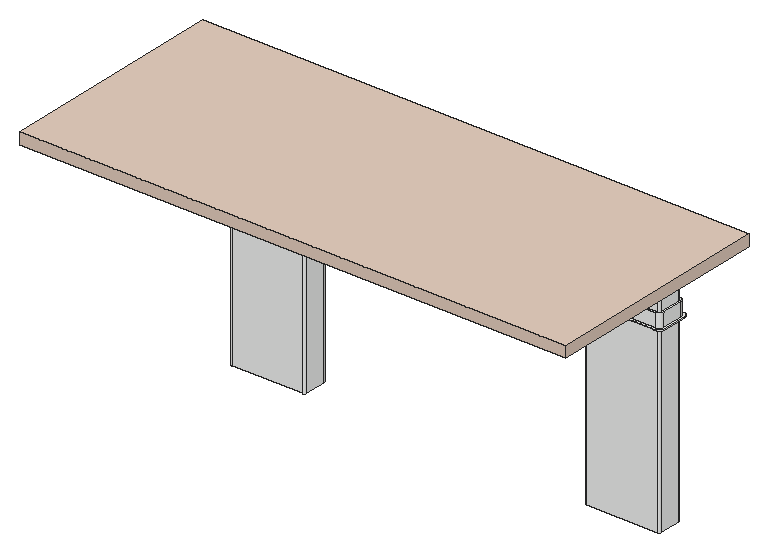
Revit family "Table-Height_Adjustable-Teknion-BH_CB_Cross_Grain_Height_Adjustable_Rectangular_Worksurface_Mid_Height-R2018", category Furniture, Revit 2018
Family settings
  OmniClass Number = 23.40.20.00
  OmniClass Title = General Furniture and Specialties
  Work Plane-Based = No
  Always vertical = Yes
  Cut with Voids When Loaded = No
  Shared = Yes
  Room Calculation Point = No
Parameters (values of type "1 3/16" Worksurface Thickness, 24" Depth")
  Worksurface Thickness = 1.189"
  Worksurface Finish [instance] = Veneer-Teknion-5T-Flintwood-White_Truffle
  Width [instance] = 58.000"
  Warranty = "http://www.teknion.com/ca/papers/legal-canada"
  Unit Weight URL = "http://www.teknion.com/ca/tools/assets#&asset=bee6a381-b954-425e-8283-5a2de3a804f2,f828d448-4b62-4231-9e5f-9a8991c0ed77"
  URL = "www.teknion.com"
  To render please download texture images found here [instance] = "https://assets.teknion.com/web/5e81352c1dfdb467/revit-material-swatches/"
  Sustainability Data = "https://www.teknion.com/ca/tools/assets#&topic=216f99a5-57a0-44fc-b10a-9dee9b29ae4c&asset=444deb64-fe58-4b68-981e-f75e97781df7,b4ff2d81-9f2e-437d-9659-7cffb09c31cf"
  Standard Corner Detail [instance] = yes
  Series = "Expansion Casegoods"  # constant formula
  Right Square Cutout [instance] = if([Centered - Rectangular (L) & Square (R)], 5.000", 1.000")  # 1.000"
  Radius Corner Detail [instance] = not(Standard Corner Detail)  # no
  Product Page URL = "https://www.teknion.com/ca/products/product-details?productlineid=0053336e-8e7a-673b-a6c8-ff00004460c4"
  Product Line = "Expansion Casegoods"  # constant formula
  Product Documentation Link = "https://www.teknion.com/pricing/expansion-casegoods/pdfs/BH_CB_ppg.pdf"
  Powerbar Options [instance] = "Select one of the options below. No Powerbar is selected by default"  # constant formula
  Power plugs [instance] = not(No Powerbar)  # no
  Part Number = "BH_CB"  # constant formula
  No Powerbar [instance] = and(not(Integrated Powerbar), not(Integrated Powerbar with IEC Outlet))  # yes
  No Grommet [instance] = and(not([Centered - Rectangular]), not([Centered - Rectangular (L) & Square (R)]), not([Centered - Square (L) & Rectangular (R)]))  # yes
  Model = "BHMCBK24_"
  Manufacturer Phone = "416-661-3370"  # constant formula
  Manufacturer Fax = "416.661.4586"  # constant formula
  Manufacturer Contact Information = "http://www.teknion.com/ca/contactus"
  Manufacturer Address = "1150 Flint Road, Toronto, ON. M3J 2J5. Canada"  # constant formula
  Manufacturer = "Teknion"  # constant formula
  Leg Width [instance] = if(Actual Width = 39.430", 20.981", if(Actual Width = 45.400", 26.951", if(Actual Width = 51.370", 23.468", 29.438")))  # 29.438"
  Left Square Cutout [instance] = if([Centered - Square (L) & Rectangular (R)], 5.000", 1.000")  # 1.000"
  Integrated Powerbar with IEC Outlet [instance] = no
  Integrated Powerbar [instance] = no
  How To Use Teknion Materials User Guide [instance] = "https://assets.teknion.com/m/205dd0a49fa58060/original/How-to-add-a-Material-Library-and-Texture-Images-to-your-Revit-project.pdf"
  Height [instance] = 29.000"
  Grommet Options [instance] = "Select one of the options below. No Grommet is selected by default"  # constant formula
  Grommet Finish [instance] = Paint - Teknion - Mica - Very White
  For Additional Finishes please visit [instance] = "https://assets.teknion.com/m/44a8009b046e5d47/original/Teknion_Materials_Library.zip"
  Description = "Cross Grain Height-Adjustable Rectangular Worksurface - Mid-Height, 1 3/16\" Worksurface Thickness, Mid-Height Configuration, 24\" Depth"
  Depth = 24.000"
  Corner Detail Options [instance] = "Select one of the options below"  # constant formula
  Connection Node Visibility [instance] = yes
  Centered - Rectangular [instance] = no
  Centered - Rectangular (L) & Square (R) [instance] = no
  Centered - Square (L) & Rectangular (R) [instance] = no
  Base Finish [instance] = Paint - Teknion - Mica - Very White
  Available Widths [instance] = "40, 46, 52, and 58 Inches"  # constant formula
  Available Height [instance] = "26 to 48 Inches"  # constant formula
  Assembly Code = "E2020200"
  Actual Width [instance] = if(or(Width = 40.000", Width < 40.000"), 39.430", if(Width = 46.000", 45.400", if(Width = 52.000", 51.370", 57.340")))  # 57.340"
  Actual Height [instance] = if(Height < 26.000", 26.000", if(Height > 48.000", 48.000", Height))  # 29.000"
Reference planes (in)
  plane 1 "Center Front/Back": y = 0
  plane 2: z = 0
  plane 3 "Center Left/Right": x = 0
  plane 4 "Left": x = -28.67
  plane 5 "Right": x = 28.67
  plane 6 "Back": y = 12
  plane 7 "Front": y = -12
  plane 8 "Top": z = 30.189
  plane 9: z = 29
  plane 10: x = -14.719
  plane 11: x = 14.719
Forms (in)
  Sweep 1, solid, material "Veneer-Teknion-5T-Flintwood-White_Truffle" <- "Worksurface Finish", visible <- "Standard Corner Detail"
    path origin (0, 0, 0) x (1, 0, 0) y (0, 0, 1)
      loop
        line (0, 29) -> (0, 30.189)
    profile origin (0, 0, 29.5945) x (-1, 0, 0) y (0, -1, 0)
      loop
        line (28.67, 12) -> (-28.67, 12) -> (-28.67, -12) -> (28.67, -12) -> (28.67, 12)
  Sweep 2, solid, material "Veneer-Teknion-5T-Flintwood-White_Truffle" <- "Worksurface Finish", visible <- "Radius Corner Detail"
    path origin (0, 0, 0) x (1, 0, 0) y (0, 0, 1)
      loop
        line (0, 29) -> (0, 30.189)
    profile origin (0, 0, 29.5945) x (-1, 0, 0) y (0, -1, 0)
      loop
        arc (25.795, -12) -> (27.82793, -11.15793) -> (28.67, -9.125) r 2.875
        line (28.67, -9.125) -> (28.67, 9.125)
        arc (28.67, 9.125) -> (27.82793, 11.15793) -> (25.795, 12) r 2.875
        line (25.795, 12) -> (-25.795, 12)
        arc (-25.795, 12) -> (-27.82793, 11.15793) -> (-28.67, 9.125) r 2.875
        line (-28.67, 9.125) -> (-28.67, -9.125)
        arc (-28.67, -9.125) -> (-27.82793, -11.15793) -> (-25.795, -12) r 2.875
        line (-25.795, -12) -> (25.795, -12)
  Sweep 3, solid, material "Paint - Teknion - Mica - Very White" <- "Base Finish"
    path origin (0, 0, 0) x (1, 0, 0) y (0, 0, 1)
      loop
        line (0, 1.61811) -> (0, 29)
    profile origin (0, 0, 15.30906) x (-1, 0, 0) y (0, -1, 0)
      loop
        arc (22.59326, -8.21457) -> (22.52003, -8.03779) -> (22.34326, -7.96457) r 0.25
        line (22.34326, -7.96457) -> (14.96924, -7.96457)
        arc (14.96924, -7.96457) -> (14.79247, -8.03779) -> (14.71924, -8.21457) r 0.25
        line (14.71924, -8.21457) -> (14.71924, -10.4311)
        arc (14.71924, -10.4311) -> (14.79247, -10.60788) -> (14.96924, -10.6811) r 0.25
        line (14.96924, -10.6811) -> (22.34326, -10.6811)
        arc (22.34326, -10.6811) -> (22.52003, -10.60788) -> (22.59326, -10.4311) r 0.25
        line (22.59326, -10.4311) -> (22.59326, -8.21457)
      loop
        arc (-14.96924, -10.6811) -> (-14.79247, -10.60788) -> (-14.71924, -10.4311) r 0.25
        line (-14.71924, -10.4311) -> (-14.71924, -8.21457)
        arc (-14.71924, -8.21457) -> (-14.79247, -8.03779) -> (-14.96924, -7.96457) r 0.25
        line (-14.96924, -7.96457) -> (-22.34326, -7.96457)
        arc (-22.34326, -7.96457) -> (-22.52003, -8.03779) -> (-22.59326, -8.21457) r 0.25
        line (-22.59326, -8.21457) -> (-22.59326, -10.4311)
        arc (-22.59326, -10.4311) -> (-22.52003, -10.60788) -> (-22.34326, -10.6811) r 0.25
        line (-22.34326, -10.6811) -> (-14.96924, -10.6811)
  Sweep 4, solid, material "Paint - Teknion - Mica - Very White" <- "Base Finish"
    path origin (0, 0, 0) x (1, 0, 0) y (0, 0, 1)
      loop
        line (0, 28.87798) -> (0, 29)
    profile origin (0, 0, 28.93899) x (-1, 0, 0) y (0, -1, 0)
      loop
        line (22.59326, -9.32283) -> (22.59326, 1.54331) -> (-22.59326, 1.54331) -> (-22.59326, -9.32283) -> (-16.37279, -9.32283) -> (-16.37279, 0.44094) -> (16.37279, 0.44094) -> (16.37279, -9.32283) -> (22.59326, -9.32283)
  Sweep 5, solid, material "Paint - Teknion - Mica - Very White" <- "Base Finish"
    path origin (0, 0, 0) x (1, 0, 0) y (0, 0, 1)
      loop
        line (0, 27.18506) -> (0, 28.87798)
    profile origin (0, 0, 28.03152) x (-1, 0, 0) y (0, -1, 0)
      loop
        line (21.4909, -7.96457) -> (21.4909, 0.44094) -> (22.59326, 0.44094) -> (22.59326, 1.54331) -> (-22.59326, 1.54331) -> (-22.59326, 0.44094) -> (-21.4909, 0.44094) -> (-21.4909, -7.96457) -> (-17.47515, -7.96457) -> (-17.47515, 0.44094) -> (17.47515, 0.44094) -> (17.47515, -7.96457) -> (21.4909, -7.96457)
  Sweep 6, void
    path origin (0, 0, 0) x (1, 0, 0) y (0, 0, 1)
      loop
        line (0, 31.189) -> (0, 32.189)
    profile origin (0, 0, 31.689) x (-1, 0, 0) y (0, -1, 0)
      loop
        arc (5.00787, -9.04331) -> (4.8868, -8.751) -> (4.59449, -8.62992) r 0.41339
        line (4.59449, -8.62992) -> (3.40551, -8.62992)
        arc (3.40551, -8.62992) -> (3.1132, -8.751) -> (2.99213, -9.04331) r 0.41339
        line (2.99213, -9.04331) -> (2.99213, -10.23228)
        arc (2.99213, -10.23228) -> (3.1132, -10.52459) -> (3.40551, -10.64567) r 0.41339
        line (3.40551, -10.64567) -> (4.59449, -10.64567)
        arc (4.59449, -10.64567) -> (4.8868, -10.52459) -> (5.00787, -10.23228) r 0.41339
        line (5.00787, -10.23228) -> (5.00787, -9.04331)
  Sweep 7, void
    path origin (0, 0, 0) x (1, 0, 0) y (0, 0, 1)
      loop
        line (0, 32.189) -> (0, 31.189)
    profile origin (0, 0, 31.689) x (0, -1, 0) y (1, 0, 0)
      loop
        arc (-9.04331, 2.99213) -> (-8.751, 3.1132) -> (-8.62992, 3.40551) r 0.41339
        line (-8.62992, 3.40551) -> (-8.62992, 4.59449)
        arc (-8.62992, 4.59449) -> (-8.751, 4.8868) -> (-9.04331, 5.00787) r 0.41339
        line (-9.04331, 5.00787) -> (-10.23228, 5.00787)
        arc (-10.23228, 5.00787) -> (-10.52459, 4.8868) -> (-10.64567, 4.59449) r 0.41339
        line (-10.64567, 4.59449) -> (-10.64567, 3.40551)
        arc (-10.64567, 3.40551) -> (-10.52459, 3.1132) -> (-10.23228, 2.99213) r 0.41339
        line (-10.23228, 2.99213) -> (-9.04331, 2.99213)
  Sweep 8, solid, material "Paint - Teknion - Mica - Very White" <- "Grommet Finish", visible <- "Centered - Rectangular (L) & Square (R)"
    path origin (0, 0, 0) x (1, 0, 0) y (0, 0, 1)
      loop
        line (0, 30.189) -> (0, 30.34254)
    profile origin (0, 0, 30.26577) x (-1, 0, 0) y (0, -1, 0)
      loop
        line (7.32716, -11.05983) -> (7.32716, -8.21576) -> (3.52007, -8.21576) -> (3.52007, -9.42512) -> (5.79967, -9.42512) -> (5.79967, -9.85047) -> (3.52007, -9.85047) -> (3.52007, -11.05983) -> (7.32716, -11.05983)
  Sweep 9, solid, material "Paint - Teknion - Mica - Very White" <- "Grommet Finish", visible <- "Centered - Rectangular (L) & Square (R)"
    path origin (0, 0, 0) x (1, 0, 0) y (0, 0, 1)
      loop
        line (0, 30.34254) -> (0, 30.189)
    profile origin (0, 0, 30.26577) x (0, -1, 0) y (1, 0, 0)
      loop
        line (-11.05983, -3.52007) -> (-8.21576, -3.52007) -> (-8.21576, -0.67284) -> (-11.05983, -0.67284) -> (-11.05983, -3.52007)
  Sweep 10, solid, material "Paint - Teknion - Mica - Very White" <- "Grommet Finish", visible <- "Centered - Square (L) & Rectangular (R)"
    path origin (0, 0, 0) x (1, 0, 0) y (0, 0, 1)
      loop
        line (0, 30.189) -> (0, 30.34254)
    profile origin (0, 0, 30.26577) x (-1, 0, 0) y (0, -1, 0)
      loop
        line (-2.20033, -9.85047) -> (-4.47893, -9.85047) -> (-4.47893, -11.05983) -> (-0.67284, -11.05983) -> (-0.67284, -8.21576) -> (-4.47893, -8.21576) -> (-4.47893, -9.42512) -> (-2.20033, -9.42512) -> (-2.20033, -9.85047)
  Sweep 11, solid, material "Paint - Teknion - Mica - Very White" <- "Grommet Finish", visible <- "Centered - Square (L) & Rectangular (R)"
    path origin (0, 0, 0) x (1, 0, 0) y (0, 0, 1)
      loop
        line (0, 30.189) -> (0, 30.34254)
    profile origin (0, 0, 30.26577) x (-1, 0, 0) y (0, -1, 0)
      loop
        line (-4.47893, -11.05983) -> (-4.47893, -8.21576) -> (-7.32716, -8.21576) -> (-7.32716, -11.05983) -> (-4.47893, -11.05983)
  Sweep 12, solid, material "Paint - Teknion - Mica - Very White" <- "Grommet Finish", visible <- "Centered - Rectangular"
    path origin (0, 0, 0) x (1, 0, 0) y (0, 0, 1)
      loop
        line (0, 30.189) -> (0, 30.34254)
    profile origin (0, 0, 30.26577) x (-1, 0, 0) y (0, -1, 0)
      loop
        line (1.79967, -9.85047) -> (-0.47993, -9.85047) -> (-0.47993, -11.05983) -> (3.32716, -11.05983) -> (3.32716, -8.21576) -> (-0.47993, -8.21576) -> (-0.47993, -9.42512) -> (1.79967, -9.42512) -> (1.79967, -9.85047)
  Sweep 13, solid, material "Paint - Teknion - Mica - Very White" <- "Grommet Finish", visible <- "Centered - Rectangular"
    path origin (0, 0, 0) x (1, 0, 0) y (0, 0, 1)
      loop
        line (0, 30.189) -> (0, 30.34254)
    profile origin (0, 0, 30.26577) x (-1, 0, 0) y (0, -1, 0)
      loop
        line (-0.47993, -11.05983) -> (-0.47993, -8.21576) -> (-3.32716, -8.21576) -> (-3.32716, -11.05983) -> (-0.47993, -11.05983)
  Sweep 14, solid, material "Paint - Teknion - Mica - Very White" <- "Base Finish"
    path origin (0, 0, 0) x (1, 0, 0) y (0, 1, 0)
      loop
        line (14.719, 0) -> (6.23299, 0)
    profile origin (10.476, 0, 0) x (0, -1, 0) y (0, 0, 1)
      loop
        line (-7.67717, 29) -> (-7.67717, 27.36617) -> (0.43307, 27.36617) -> (0.43307, 29) -> (-7.67717, 29)
  Sweep 15, solid, material "Paint - Teknion - Mica - Very White" <- "Base Finish"
    path origin (0, 0, 0) x (1, 0, 0) y (0, 0, 1)
      loop
        line (0, 20.92126) -> (0, 21)
    profile origin (0, 0, 20.96063) x (-1, 0, 0) y (0, -1, 0)
      loop
        line (22.51058, -7.49213) -> (14.80192, -7.49213)
        arc (14.80192, -7.49213) -> (14.40939, -7.65472) -> (14.2468, -8.04724) r 0.55512
        line (14.2468, -8.04724) -> (14.2468, -10.59843)
        arc (14.2468, -10.59843) -> (14.40939, -10.99095) -> (14.80192, -11.15354) r 0.55512
        line (14.80192, -11.15354) -> (22.51058, -11.15354)
        arc (22.51058, -11.15354) -> (22.90311, -10.99095) -> (23.0657, -10.59843) r 0.55512
        line (23.0657, -10.59843) -> (23.0657, -8.04724)
        arc (23.0657, -8.04724) -> (22.90311, -7.65472) -> (22.51058, -7.49213) r 0.55512
      loop
        line (-14.80192, -7.49213) -> (-22.51058, -7.49213)
        arc (-22.51058, -7.49213) -> (-22.90311, -7.65472) -> (-23.0657, -8.04724) r 0.55512
        line (-23.0657, -8.04724) -> (-23.0657, -10.59843)
        arc (-23.0657, -10.59843) -> (-22.90311, -10.99095) -> (-22.51058, -11.15354) r 0.55512
        line (-22.51058, -11.15354) -> (-14.80192, -11.15354)
        arc (-14.80192, -11.15354) -> (-14.40939, -10.99095) -> (-14.2468, -10.59843) r 0.55512
        line (-14.2468, -10.59843) -> (-14.2468, -8.04724)
        arc (-14.2468, -8.04724) -> (-14.40939, -7.65472) -> (-14.80192, -7.49213) r 0.55512
  Sweep 16, solid, material "Paint - Teknion - Mica - Very White" <- "Base Finish"
    path origin (0, 0, 0) x (1, 0, 0) y (0, 0, 1)
      loop
        line (0, 21) -> (0, 22.41732)
    profile origin (0, 0, 21.70866) x (-1, 0, 0) y (0, -1, 0)
      loop
        line (14.96924, -10.87795) -> (22.34326, -10.87795)
        arc (22.34326, -10.87795) -> (22.65923, -10.74707) -> (22.79011, -10.4311) r 0.44685
        line (22.79011, -10.4311) -> (22.79011, -8.21457)
        arc (22.79011, -8.21457) -> (22.65923, -7.8986) -> (22.34326, -7.76772) r 0.44685
        line (22.34326, -7.76772) -> (14.96924, -7.76772)
        arc (14.96924, -7.76772) -> (14.65327, -7.8986) -> (14.52239, -8.21457) r 0.44685
        line (14.52239, -8.21457) -> (14.52239, -10.4311)
        arc (14.52239, -10.4311) -> (14.65327, -10.74707) -> (14.96924, -10.87795) r 0.44685
      loop
        line (-22.34326, -10.87795) -> (-14.96924, -10.87795)
        arc (-14.96924, -10.87795) -> (-14.65327, -10.74707) -> (-14.52239, -10.4311) r 0.44685
        line (-14.52239, -10.4311) -> (-14.52239, -8.21457)
        arc (-14.52239, -8.21457) -> (-14.65327, -7.8986) -> (-14.96924, -7.76772) r 0.44685
        line (-14.96924, -7.76772) -> (-22.34326, -7.76772)
        arc (-22.34326, -7.76772) -> (-22.65923, -7.8986) -> (-22.79011, -8.21457) r 0.44685
        line (-22.79011, -8.21457) -> (-22.79011, -10.4311)
        arc (-22.79011, -10.4311) -> (-22.65923, -10.74707) -> (-22.34326, -10.87795) r 0.44685
  Sweep 17, solid, material "Paint - Teknion - Mica - Very White" <- "Base Finish"
    path origin (0, 0, 0) x (1, 0, 0) y (0, 0, 1)
      loop
        line (0, 27.36617) -> (0, 29)
    profile origin (0, 0, 28.18308) x (-1, 0, 0) y (0, -1, 0)
      loop
        line (14.37279, -6.61417) -> (14.37279, 0.44094) -> (3.37279, 0.44094) -> (3.37279, -6.61417) -> (14.37279, -6.61417)
  Sweep 18, solid, material "Plastic - Teknion - Z2 - Crisp Grey", visible <- "Power plugs"
    path origin (0, 0, 0) x (1, 0, 0) y (0, 1, 0)
      loop
        line (0, 6.61417) -> (0, 6.79528)
    profile origin (0, 6.70472, 0) x (-1, 0, 0) y (0, 0, 1)
      loop
        line (10.58145, 28.70672) -> (10.58145, 27.65554) -> (11.63263, 27.65554) -> (11.63263, 28.70672) -> (10.58145, 28.70672)
      loop
        line (10.05782, 28.70672) -> (9.00664, 28.70672) -> (9.00664, 27.65554) -> (10.05782, 27.65554) -> (10.05782, 28.70672)
      loop
        line (8.48302, 28.70672) -> (7.43184, 28.70672) -> (7.43184, 27.65554) -> (8.48302, 27.65554) -> (8.48302, 28.70672)
      loop
        line (11.15625, 28.37994) -> (11.50664, 28.37994) -> (11.50664, 28.45081) -> (11.15625, 28.45081) -> (11.15625, 28.37994)
      loop
        line (11.46727, 27.97443) -> (11.19562, 27.97443) -> (11.19562, 27.90357) -> (11.46727, 27.90357) -> (11.46727, 27.97443)
      loop
        line (10.85901, 28.28546) -> (10.75468, 28.28546) -> (10.75468, 28.0768) -> (10.85901, 28.0768)
        arc (10.85901, 28.0768) -> (10.96334, 28.18113) -> (10.85901, 28.28546) r 0.10433
      loop
        line (9.58145, 28.37994) -> (9.93184, 28.37994) -> (9.93184, 28.45081) -> (9.58145, 28.45081) -> (9.58145, 28.37994)
      loop
        line (9.89247, 27.97443) -> (9.62082, 27.97443) -> (9.62082, 27.90357) -> (9.89247, 27.90357) -> (9.89247, 27.97443)
      loop
        line (9.2842, 28.28546) -> (9.17987, 28.28546) -> (9.17987, 28.0768) -> (9.2842, 28.0768)
        arc (9.2842, 28.0768) -> (9.38853, 28.18113) -> (9.2842, 28.28546) r 0.10433
      loop
        line (8.00664, 28.37994) -> (8.35704, 28.37994) -> (8.35704, 28.45081) -> (8.00664, 28.45081) -> (8.00664, 28.37994)
      loop
        line (8.31767, 27.97443) -> (8.04601, 27.97443) -> (8.04601, 27.90357) -> (8.31767, 27.90357) -> (8.31767, 27.97443)
      loop
        line (7.7094, 28.28546) -> (7.60507, 28.28546) -> (7.60507, 28.0768) -> (7.7094, 28.0768)
        arc (7.7094, 28.0768) -> (7.81373, 28.18113) -> (7.7094, 28.28546) r 0.10433
  Sweep 19, solid, material "Plastic - Teknion - Z2 - Crisp Grey", visible <- "Integrated Powerbar"
    path origin (0, 0, 0) x (1, 0, 0) y (0, 1, 0)
      loop
        line (0, 6.61417) -> (0, 6.79528)
    profile origin (0, 6.70472, 0) x (-1, 0, 0) y (0, 0, 1)
      loop
        line (5.85704, 28.70672) -> (5.85704, 27.65554) -> (6.90822, 27.65554) -> (6.90822, 28.70672) -> (5.85704, 28.70672)
      loop
        line (6.78223, 28.45081) -> (6.43184, 28.45081) -> (6.43184, 28.37994) -> (6.78223, 28.37994) -> (6.78223, 28.45081)
      loop
        line (6.74286, 27.97443) -> (6.47121, 27.97443) -> (6.47121, 27.90357) -> (6.74286, 27.90357) -> (6.74286, 27.97443)
      loop
        line (6.03027, 28.0768) -> (6.1346, 28.0768)
        arc (6.1346, 28.0768) -> (6.23893, 28.18113) -> (6.1346, 28.28546) r 0.10433
        line (6.1346, 28.28546) -> (6.03027, 28.28546) -> (6.03027, 28.0768)
  Sweep 20, solid, material "Plastic - Teknion - Z2 - Crisp Grey", visible <- "Power plugs"
    path origin (0, 0, 0) x (1, 0, 0) y (0, 1, 0)
      loop
        line (0, 6.61417) -> (0, 6.65354)
    profile origin (0, 6.63386, 0) x (-1, 0, 0) y (0, 0, 1)
      loop
        line (13.44759, 28.55613) -> (12.69759, 28.55613) -> (12.69759, 27.80613) -> (13.44759, 27.80613) -> (13.44759, 28.55613)
  Sweep 21, solid, material "Plastic - Teknion - Z2 - Crisp Grey", visible <- "Power plugs"
    path origin (0, 0, 0) x (1, 0, 0) y (0, 0, 1)
      loop
        line (0, 28.0012) -> (0, 28.36105)
    profile origin (0, 0, 28.18113) x (-1, 0, 0) y (0, -1, 0)
      loop
        arc (12.87771, -6.65354) -> (13.02673, -6.68979) -> (13.16418, -6.75781) r 0.69539
        line (13.16418, -6.75781) -> (13.26747, -6.65354) -> (12.87771, -6.65354)
  Sweep 22, solid, material "Plastic - Teknion - Z2 - Crisp Grey", visible <- "Integrated Powerbar with IEC Outlet"
    path origin (0, 0, 0) x (1, 0, 0) y (0, 1, 0)
      loop
        line (0, 6.47638) -> (0, 6.65748)
    profile origin (0, 6.56693, 0) x (-1, 0, 0) y (0, 0, 1)
      loop
        line (5.92538, 28.60435) -> (5.65034, 28.32932) -> (5.65034, 27.7579) -> (6.78027, 27.7579) -> (6.78027, 28.32932) -> (6.50523, 28.60435) -> (5.92538, 28.60435)
      loop
        line (5.97065, 28.49215) -> (5.76255, 28.28405) -> (5.76255, 27.8701) -> (6.66806, 27.8701) -> (6.66806, 28.28405) -> (6.45996, 28.49215) -> (5.97065, 28.49215)
      loop
        line (5.52239, 27.65554) -> (6.90822, 27.65554) -> (6.90822, 28.70672) -> (5.52239, 28.70672) -> (5.52239, 27.65554)
      loop
        line (6.25074, 28.31105) -> (6.25074, 28.43309) -> (6.17987, 28.43309) -> (6.17987, 28.31105) -> (6.25074, 28.31105)
      loop
        line (5.95349, 28.16538) -> (5.95349, 27.99609) -> (6.03223, 27.99609) -> (6.03223, 28.16538) -> (5.95349, 28.16538)
      loop
        line (6.39838, 27.99609) -> (6.47712, 27.99609) -> (6.47712, 28.16538) -> (6.39838, 28.16538) -> (6.39838, 27.99609)
Cuts and joins
  Sweep 6, Sweep 7 cuts Sweep 1
  Sweep 6, Sweep 7 cuts Sweep 2
  joined: Sweep 3, Sweep 4, Sweep 5, Sweep 15, Sweep 16
Lines and regions (in)
  Masking region 1, visible <- "Standard Corner Detail"
    outline origin (0, 0, 0) x (1, 0, 0) y (0, 1, 0)
      loop
        line (28.67, 12) -> (-28.67, 12) -> (-28.67, -12) -> (28.67, -12) -> (28.67, 12)
  Masking region 2, visible <- "Radius Corner Detail"
    outline origin (0, 0, 0) x (1, 0, 0) y (0, 1, 0)
      loop
        line (25.795, 12) -> (-25.795, 12)
        arc (-25.795, 12) -> (-27.82793, 11.15793) -> (-28.67, 9.125) r 2.875
        line (-28.67, 9.125) -> (-28.67, -9.125)
        arc (-28.67, -9.125) -> (-27.82793, -11.15793) -> (-25.795, -12) r 2.875
        line (-25.795, -12) -> (25.795, -12)
        arc (25.795, -12) -> (27.82793, -11.15793) -> (28.67, -9.125) r 2.875
        line (28.67, -9.125) -> (28.67, 9.125)
        arc (28.67, 9.125) -> (27.82793, 11.15793) -> (25.795, 12) r 2.875
  symbolic lines, style "FurnitureHiddenLines", detail levels medium+fine
    curve 1: line (-14.96924, 10.6811, 0) -> (-22.34326, 10.6811, 0)
    curve 2: arc (-22.34326, 10.6811, 0) -> (-22.52003, 10.60788, 0) -> (-22.59326, 10.4311, 0) r 0.25
    curve 3: line (-22.59326, 10.4311, 0) -> (-22.59326, -1.54331, 0)
    curve 4: line (-22.59326, -1.54331, 0) -> (22.59326, -1.54331, 0)
    curve 5: line (22.59326, -1.54331, 0) -> (22.59326, 10.4311, 0)
    curve 6: arc (22.59326, 10.4311, 0) -> (22.52003, 10.60788, 0) -> (22.34326, 10.6811, 0) r 0.25
    curve 7: line (22.34326, 10.6811, 0) -> (14.96924, 10.6811, 0)
    curve 8: arc (14.96924, 10.6811, 0) -> (14.79247, 10.60788, 0) -> (14.71924, 10.4311, 0) r 0.25
    curve 9: line (14.71924, 10.4311, 0) -> (14.71924, 8.21457, 0)
    curve 10: arc (14.71924, 8.21457, 0) -> (14.79247, 8.03779, 0) -> (14.96924, 7.96457, 0) r 0.25
    curve 11: line (16.37279, 7.96457, 0) -> (16.37279, -0.44094, 0)
    curve 12: line (-16.37279, -0.44094, 0) -> (-16.37279, 7.96457, 0)
    curve 13: arc (-14.96924, 7.96457, 0) -> (-14.79247, 8.03779, 0) -> (-14.71924, 8.21457, 0) r 0.25
    curve 14: line (-14.71924, 8.21457, 0) -> (-14.71924, 10.4311, 0)
    curve 15: arc (-14.71924, 10.4311, 0) -> (-14.79247, 10.60788, 0) -> (-14.96924, 10.6811, 0) r 0.25
    curve 16: line (17.47515, 7.96457, 0) -> (17.47515, -0.44094, 0)
    curve 17: line (21.4909, -0.44094, 0) -> (21.4909, 7.96457, 0)
    curve 18: line (22.59326, -0.44094, 0) -> (21.4909, -0.44094, 0)
    curve 19: line (17.47515, -0.44094, 0) -> (-17.47515, -0.44094, 0)
    curve 20: line (-17.47515, -0.44094, 0) -> (-17.47515, 7.96457, 0)
    curve 21: line (-21.4909, 7.96457, 0) -> (-21.4909, -0.44094, 0)
    curve 22: line (-21.4909, -0.44094, 0) -> (-22.59326, -0.44094, 0)
    curve 23: arc (-22.34326, 7.96457, 0) -> (-22.52003, 8.03779, 0) -> (-22.59326, 8.21457, 0) r 0.25
    curve 24: line (-22.34326, 7.96457, 0) -> (-14.96924, 7.96457, 0)
    curve 25: line (14.96924, 7.96457, 0) -> (22.34326, 7.96457, 0)
    curve 26: arc (22.59326, 8.21457, 0) -> (22.52003, 8.03779, 0) -> (22.34326, 7.96457, 0) r 0.25
    curve 30: line (-3.37279, -0.44094, 0) -> (-3.37279, 6.61417, 0)
    curve 31: line (-3.37279, 6.61417, 0) -> (-14.37279, 6.61417, 0)
    curve 32: line (-14.37279, 6.61417, 0) -> (-14.37279, -0.44094, 0)
  symbolic lines, style "FurnitureHiddenLines", detail levels fine
    curve 27: line (6.23299, 7.67717, 0) -> (6.23299, -0.44094, 0)
    curve 28: line (14.719, 7.67717, 0) -> (6.23299, 7.67717, 0)
    curve 29: line (14.719, 7.67717, 0) -> (14.719, -0.44094, 0)
    curve 106: line (-14.96924, 10.87795, 0) -> (-22.34326, 10.87795, 0)
    curve 107: arc (-22.34326, 10.87795, 0) -> (-22.65923, 10.74707, 0) -> (-22.79011, 10.4311, 0) r 0.44685
    curve 108: line (-22.79011, 10.4311, 0) -> (-22.79011, 8.21457, 0)
    curve 109: arc (-22.79011, 8.21457, 0) -> (-22.65923, 7.8986, 0) -> (-22.34326, 7.76772, 0) r 0.44685
    curve 110: line (-22.34326, 7.76772, 0) -> (-14.96924, 7.76772, 0)
    curve 111: arc (-14.96924, 7.76772, 0) -> (-14.65327, 7.8986, 0) -> (-14.52239, 8.21457, 0) r 0.44685
    curve 112: line (-14.52239, 8.21457, 0) -> (-14.52239, 10.4311, 0)
    curve 113: arc (-14.52239, 10.4311, 0) -> (-14.65327, 10.74707, 0) -> (-14.96924, 10.87795, 0) r 0.44685
    curve 114: line (-23.0657, 10.59843, 0) -> (-23.0657, 8.04724, 0)
    curve 115: arc (-23.0657, 8.04724, 0) -> (-22.90311, 7.65472, 0) -> (-22.51058, 7.49213, 0) r 0.55512
    curve 116: line (-22.51058, 7.49213, 0) -> (-14.80192, 7.49213, 0)
    curve 117: arc (-14.80192, 7.49213, 0) -> (-14.40939, 7.65472, 0) -> (-14.2468, 8.04724, 0) r 0.55512
    curve 118: line (-14.2468, 8.04724, 0) -> (-14.2468, 10.59843, 0)
    curve 119: arc (-14.2468, 10.59843, 0) -> (-14.40939, 10.99095, 0) -> (-14.80192, 11.15354, 0) r 0.55512
    curve 120: line (-14.80192, 11.15354, 0) -> (-22.51058, 11.15354, 0)
    curve 121: arc (-22.51058, 11.15354, 0) -> (-22.90311, 10.99095, 0) -> (-23.0657, 10.59843, 0) r 0.55512
    curve 122: line (14.52239, 10.4311, 0) -> (14.52239, 8.21457, 0)
    curve 123: arc (14.52239, 8.21457, 0) -> (14.65327, 7.8986, 0) -> (14.96924, 7.76772, 0) r 0.44685
    curve 124: line (14.96924, 7.76772, 0) -> (22.34326, 7.76772, 0)
    curve 125: arc (22.34326, 7.76772, 0) -> (22.65923, 7.8986, 0) -> (22.79011, 8.21457, 0) r 0.44685
    curve 126: line (22.79011, 8.21457, 0) -> (22.79011, 10.4311, 0)
    curve 127: arc (22.79011, 10.4311, 0) -> (22.65923, 10.74707, 0) -> (22.34326, 10.87795, 0) r 0.44685
    curve 128: line (22.34326, 10.87795, 0) -> (14.96924, 10.87795, 0)
    curve 129: arc (14.96924, 10.87795, 0) -> (14.65327, 10.74707, 0) -> (14.52239, 10.4311, 0) r 0.44685
    curve 130: line (14.2468, 10.59843, 0) -> (14.2468, 8.04724, 0)
    curve 131: arc (14.2468, 8.04724, 0) -> (14.40939, 7.65472, 0) -> (14.80192, 7.49213, 0) r 0.55512
    curve 132: line (14.80192, 7.49213, 0) -> (22.51058, 7.49213, 0)
    curve 133: arc (22.51058, 7.49213, 0) -> (22.90311, 7.65472, 0) -> (23.0657, 8.04724, 0) r 0.55512
    curve 134: line (23.0657, 8.04724, 0) -> (23.0657, 10.59843, 0)
    curve 135: arc (23.0657, 10.59843, 0) -> (22.90311, 10.99095, 0) -> (22.51058, 11.15354, 0) r 0.55512
    curve 136: line (22.51058, 11.15354, 0) -> (14.80192, 11.15354, 0)
    curve 137: arc (14.80192, 11.15354, 0) -> (14.40939, 10.99095, 0) -> (14.2468, 10.59843, 0) r 0.55512
  symbolic lines, style "FurnitureHiddenLines", visible <- "Power plugs", detail levels medium+fine
    curve 33: line (-13.44759, 6.65354, 0) -> (-13.44759, 6.61417, 0)
    curve 34: line (-12.69759, 6.61417, 0) -> (-12.69759, 6.65354, 0)
    curve 35: line (-12.69759, 6.65354, 0) -> (-13.44759, 6.65354, 0)
    curve 36: arc (-13.16418, 6.75781, 0) -> (-13.02673, 6.68979, 0) -> (-12.87771, 6.65354, 0) r 0.69539
    curve 37: line (-13.16418, 6.75781, 0) -> (-13.26747, 6.65354, 0)
    curve 38: line (-11.63263, 6.79528, 0) -> (-11.63263, 6.61417, 0)
    curve 39: line (-10.58145, 6.61417, 0) -> (-10.58145, 6.79528, 0)
    curve 40: line (-11.63263, 6.79528, 0) -> (-10.58145, 6.79528, 0)
    curve 41: line (-10.05782, 6.79528, 0) -> (-10.05782, 6.61417, 0)
    curve 42: line (-9.00664, 6.61417, 0) -> (-9.00664, 6.79528, 0)
    curve 43: line (-10.05782, 6.79528, 0) -> (-9.00664, 6.79528, 0)
    curve 44: line (-8.48302, 6.79528, 0) -> (-8.48302, 6.61417, 0)
    curve 45: line (-7.43184, 6.61417, 0) -> (-7.43184, 6.79528, 0)
    curve 46: line (-8.48302, 6.79528, 0) -> (-7.43184, 6.79528, 0)
  symbolic lines, style "FurnitureHiddenLines", visible <- "Integrated Powerbar", detail levels medium+fine
    curve 47: line (-6.90822, 6.79528, 0) -> (-6.90822, 6.61417, 0)
    curve 48: line (-5.85704, 6.79528, 0) -> (-6.90822, 6.79528, 0)
    curve 49: line (-5.85704, 6.61417, 0) -> (-5.85704, 6.79528, 0)
  symbolic lines, style "FurnitureHiddenLines", visible <- "Integrated Powerbar with IEC Outlet", detail levels medium+fine
    curve 50: line (-5.52239, 6.65748, 0) -> (-6.90822, 6.65748, 0)
    curve 51: line (-5.52239, 6.47638, 0) -> (-5.52239, 6.65748, 0)
    curve 52: line (-6.90822, 6.47638, 0) -> (-5.52239, 6.47638, 0)
    curve 53: line (-6.90822, 6.65748, 0) -> (-6.90822, 6.47638, 0)
  symbolic lines, visible <- "Centered - Rectangular (L) & Square (R)"
    curve 54: line (-7.32716, 8.21576, 0) -> (-3.52007, 8.21576, 0)
    curve 55: line (-3.52007, 8.21576, 0) -> (-3.52007, 9.42512, 0)
    curve 56: line (-3.52007, 9.42512, 0) -> (-5.79967, 9.42512, 0)
    curve 57: line (-5.79967, 9.42512, 0) -> (-5.79967, 9.85047, 0)
    curve 58: line (-5.79967, 9.85047, 0) -> (-3.52007, 9.85047, 0)
    curve 59: line (-3.52007, 9.85047, 0) -> (-3.52007, 11.05983, 0)
    curve 60: line (-3.52007, 11.05983, 0) -> (-7.32716, 11.05983, 0)
    curve 61: line (-7.32716, 11.05983, 0) -> (-7.32716, 8.21576, 0)
    curve 62: line (-0.67284, 8.21576, 0) -> (-0.67284, 11.05983, 0)
    curve 63: line (-0.67284, 11.05983, 0) -> (-3.52007, 11.05983, 0)
    curve 64: line (-3.52007, 11.05983, 0) -> (-3.52007, 8.21576, 0)
    curve 65: line (-3.52007, 8.21576, 0) -> (-0.67284, 8.21576, 0)
    curve 98: line (4.59449, 10.64567, 0) -> (3.40551, 10.64567, 0)
    curve 99: arc (3.40551, 10.64567, 0) -> (3.1132, 10.52459, 0) -> (2.99213, 10.23228, 0) r 0.41339
    curve 100: line (2.99213, 10.23228, 0) -> (2.99213, 9.04331, 0)
    curve 101: arc (2.99213, 9.04331, 0) -> (3.1132, 8.751, 0) -> (3.40551, 8.62992, 0) r 0.41339
    curve 102: line (3.40551, 8.62992, 0) -> (4.59449, 8.62992, 0)
    curve 103: arc (4.59449, 8.62992, 0) -> (4.8868, 8.751, 0) -> (5.00787, 9.04331, 0) r 0.41339
    curve 104: line (5.00787, 9.04331, 0) -> (5.00787, 10.23228, 0)
    curve 105: arc (5.00787, 10.23228, 0) -> (4.8868, 10.52459, 0) -> (4.59449, 10.64567, 0) r 0.41339
  symbolic lines, visible <- "Centered - Rectangular"
    curve 66: line (0.47993, 9.42512, 0) -> (-1.79967, 9.42512, 0)
    curve 67: line (-1.79967, 9.42512, 0) -> (-1.79967, 9.85047, 0)
    curve 68: line (-1.79967, 9.85047, 0) -> (0.47993, 9.85047, 0)
    curve 69: line (0.47993, 9.85047, 0) -> (0.47993, 11.05983, 0)
    curve 70: line (0.47993, 11.05983, 0) -> (-3.32716, 11.05983, 0)
    curve 71: line (-3.32716, 11.05983, 0) -> (-3.32716, 8.21576, 0)
    curve 72: line (-3.32716, 8.21576, 0) -> (0.47993, 8.21576, 0)
    curve 73: line (0.47993, 8.21576, 0) -> (0.47993, 9.42512, 0)
    curve 74: line (3.32716, 8.21576, 0) -> (3.32716, 11.05983, 0)
    curve 75: line (3.32716, 11.05983, 0) -> (0.47993, 11.05983, 0)
    curve 76: line (0.47993, 11.05983, 0) -> (0.47993, 8.21576, 0)
    curve 77: line (0.47993, 8.21576, 0) -> (3.32716, 8.21576, 0)
  symbolic lines, visible <- "Centered - Square (L) & Rectangular (R)"
    curve 78: line (2.20033, 9.85047, 0) -> (4.47893, 9.85047, 0)
    curve 79: line (4.47893, 9.85047, 0) -> (4.47893, 11.05983, 0)
    curve 80: line (4.47893, 11.05983, 0) -> (0.67284, 11.05983, 0)
    curve 81: line (0.67284, 11.05983, 0) -> (0.67284, 8.21576, 0)
    curve 82: line (0.67284, 8.21576, 0) -> (4.47893, 8.21576, 0)
    curve 83: line (4.47893, 8.21576, 0) -> (4.47893, 9.42512, 0)
    curve 84: line (4.47893, 9.42512, 0) -> (2.20033, 9.42512, 0)
    curve 85: line (2.20033, 9.42512, 0) -> (2.20033, 9.85047, 0)
    curve 86: line (4.47893, 11.05983, 0) -> (4.47893, 8.21576, 0)
    curve 87: line (4.47893, 8.21576, 0) -> (7.32716, 8.21576, 0)
    curve 88: line (7.32716, 8.21576, 0) -> (7.32716, 11.05983, 0)
    curve 89: line (7.32716, 11.05983, 0) -> (4.47893, 11.05983, 0)
    curve 90: line (-5.00787, 10.23228, 0) -> (-5.00787, 9.04331, 0)
    curve 91: arc (-5.00787, 9.04331, 0) -> (-4.8868, 8.751, 0) -> (-4.59449, 8.62992, 0) r 0.41339
    curve 92: line (-4.59449, 8.62992, 0) -> (-3.40551, 8.62992, 0)
    curve 93: arc (-3.40551, 8.62992, 0) -> (-3.1132, 8.751, 0) -> (-2.99213, 9.04331, 0) r 0.41339
    curve 94: line (-2.99213, 9.04331, 0) -> (-2.99213, 10.23228, 0)
    curve 95: arc (-2.99213, 10.23228, 0) -> (-3.1132, 10.52459, 0) -> (-3.40551, 10.64567, 0) r 0.41339
    curve 96: line (-3.40551, 10.64567, 0) -> (-4.59449, 10.64567, 0)
    curve 97: arc (-4.59449, 10.64567, 0) -> (-4.8868, 10.52459, 0) -> (-5.00787, 10.23228, 0) r 0.41339
Dimensions and locks (in)
  "Actual Width": plane 4 "Left" to plane 5 "Right"
  "Depth": plane 6 "Back" to plane 7 "Front"
  "Height": plane 9 to level
  equal spacing: plane 6 "Back", plane 1 "Center Front/Back", plane 7 "Front"
  equal spacing: plane 4 "Left", plane 3 "Center Left/Right", plane 5 "Right"
  "Worksurface Thickness": plane 8 "Top" to plane 9
  "Leg Width": plane 10 to plane 11
  equal spacing: plane 10, plane 3 "Center Left/Right", plane 11
  locked: Sweep 3 sketch curve to level at 1.61811
  plane 6 "Back" to Sweep 3 sketch curve to Sweep 3 sketch curve to Sweep 3 sketch curve to Sweep 3 sketch curve = 1.3189" locked, 0.000" locked, 2.71654" locked, 0.000" locked
  Sweep 3 sketch curve to Sweep 3 sketch curve to plane 10 = 7.87402" locked, 0.00024" locked
  plane 11 to Sweep 3 sketch curve to Sweep 3 sketch curve = 0.00024" locked, 7.87402" locked
  locked: plane 9 to Sweep 4 sketch curve at 0.12202
  plane 11 to Sweep 4 sketch curve to Sweep 4 sketch curve = 1.65379" locked, 6.22047" locked
  Sweep 4 sketch curve to Sweep 4 sketch curve to plane 10 = 6.22047" locked, 1.65379" locked
  plane 6 "Back" to Sweep 4 sketch curve to Sweep 4 sketch curve to Sweep 4 sketch curve to Sweep 4 sketch curve = 2.67717" locked, 0.000" locked, 9.76378" locked, 1.10236" locked
  plane 9 to Sweep 5 sketch curve to Sweep 5 sketch curve = 0.12202" locked, 1.69291" locked
  Sweep 5 sketch curve to Sweep 5 sketch curve to Sweep 5 sketch curve to plane 10 = 1.10236" locked, 4.01575" locked, 2.75615" locked
  plane 11 to Sweep 5 sketch curve to Sweep 5 sketch curve to Sweep 5 sketch curve = 2.75615" locked, 4.01575" locked, 1.10236" locked
  plane 6 "Back" to Sweep 5 sketch curve to Sweep 5 sketch curve to Sweep 5 sketch curve to Sweep 5 sketch curve to Sweep 5 sketch curve to Sweep 5 sketch curve = 4.03543" locked, 0.000" locked, 8.40551" locked, 0.000" locked, 0.000" locked, 1.10236" locked
  locked: Sweep 6 sketch curve to plane 8 "Top" at 2
  "Left Square Cutout": Sweep 6 sketch curve to Sweep 6 sketch curve
  Sweep 6 sketch curve to Sweep 6 sketch curve to plane 6 "Back" = 2.01575" locked, 1.35433" locked
  Sweep 6 sketch curve to Sweep 6 sketch curve to plane 3 "Center Left/Right" = 2.01575" locked, 2.99213" locked
  locked: Sweep 7 sketch curve to plane 8 "Top" at 2
  "Right Square Cutout": Sweep 7 sketch curve to Sweep 7 sketch curve
  Sweep 7 sketch curve to Sweep 7 sketch curve to plane 6 "Back" = 2.01575" locked, 1.35433" locked
  plane 3 "Center Left/Right" to Sweep 7 sketch curve to Sweep 7 sketch curve = 2.99213" locked, 2.01575" locked
  locked: Sweep 8 sketch curve to plane 8 "Top" at 0.15354
  Sweep 8 sketch curve to Sweep 8 sketch curve to Sweep 8 sketch curve to Sweep 8 sketch curve to plane 3 "Center Left/Right" = 1.52748" locked, 2.2796" locked, 0.000" locked, 3.52007" locked
  plane 6 "Back" to Sweep 8 sketch curve to Sweep 8 sketch curve to Sweep 8 sketch curve to Sweep 8 sketch curve = 0.94017" locked, 1.20936" locked, 0.42535" locked, 1.20936" locked
  locked: Sweep 9 sketch curve to plane 8 "Top" at 0.15354
  Sweep 9 sketch curve to Sweep 9 sketch curve to plane 3 "Center Left/Right" = 2.84723" locked, 0.67284" locked
  plane 6 "Back" to Sweep 9 sketch curve to Sweep 9 sketch curve = 0.94017" locked, 2.84406" locked
  locked: Sweep 10 sketch curve to plane 8 "Top" at 0.15354
  plane 3 "Center Left/Right" to Sweep 10 sketch curve to Sweep 10 sketch curve to Sweep 10 sketch curve to Sweep 10 sketch curve = 0.67284" locked, 1.52748" locked, 2.2786" locked, 0.000" locked
  plane 6 "Back" to Sweep 10 sketch curve to Sweep 10 sketch curve to Sweep 10 sketch curve to Sweep 10 sketch curve = 0.94017" locked, 1.20936" locked, 0.42535" locked, 1.20936" locked
  locked: Sweep 11 sketch curve to plane 8 "Top" at 0.15354
  plane 3 "Center Left/Right" to Sweep 11 sketch curve to Sweep 11 sketch curve = 4.47893" locked, 2.84823" locked
  plane 6 "Back" to Sweep 11 sketch curve to Sweep 11 sketch curve = 0.94017" locked, 2.84406" locked
  locked: Sweep 12 sketch curve to plane 8 "Top" at 0.15354
  plane 6 "Back" to Sweep 12 sketch curve to Sweep 12 sketch curve to Sweep 12 sketch curve to Sweep 12 sketch curve = 0.94017" locked, 1.20936" locked, 0.42535" locked, 1.20936" locked
  Sweep 12 sketch curve to Sweep 12 sketch curve to plane 3 "Center Left/Right" to Sweep 12 sketch curve to Sweep 12 sketch curve = 1.52748" locked, 1.79967" locked, 0.47993" locked, 0.000" locked
  locked: Sweep 13 sketch curve to plane 8 "Top" at 0.15354
  plane 3 "Center Left/Right" to Sweep 13 sketch curve to Sweep 13 sketch curve = 0.47993" locked, 2.84723" locked
  plane 6 "Back" to Sweep 13 sketch curve to Sweep 13 sketch curve = 0.94017" locked, 2.84406" locked
  locked: Sweep 14 sketch curve to plane 11 at 8.48601
  locked: plane 9 to Sweep 14 sketch curve at 1.63383
  plane 6 "Back" to Sweep 14 sketch curve to Sweep 14 sketch curve = 4.32283" locked, 8.11024" locked
  Sweep 15 sketch curve to Sweep 15 sketch curve to level = 0.07874" locked, 20.92126" locked
  Sweep 15 sketch curve to plane 10 to Sweep 15 sketch curve = 8.3467" locked, 0.4722" locked
  Sweep 15 sketch curve to plane 11 to Sweep 15 sketch curve = 0.4722", 8.3467"
  plane 6 "Back" to Sweep 15 sketch curve to Sweep 15 sketch curve to Sweep 15 sketch curve to Sweep 15 sketch curve = 0.84646" locked, 0.000" locked, 3.66142" locked, 0.000" locked
  level to Sweep 16 sketch curve to Sweep 16 sketch curve = 21.000" locked, 1.41732" locked
  Sweep 16 sketch curve to plane 10 to Sweep 16 sketch curve = 8.07111" locked, 0.19661" locked
  Sweep 16 sketch curve to plane 11 to Sweep 16 sketch curve = 0.19661" locked, 8.07111" locked
  plane 6 "Back" to Sweep 16 sketch curve to Sweep 16 sketch curve to Sweep 16 sketch curve to Sweep 16 sketch curve = 1.12205" locked, 0.000" locked, 3.11024" locked, 0.000" locked
  locked: plane 9 to Sweep 17 sketch curve at 1.63383
  plane 10 to Sweep 17 sketch curve to Sweep 17 sketch curve = 0.34621" locked, 11.000" locked
  plane 6 "Back" to Sweep 17 sketch curve to Sweep 17 sketch curve = 5.38583" locked, 7.05512" locked
  plane 6 "Back" to Sweep 18 sketch curve to Sweep 18 sketch curve = 5.20472" locked, 0.1811" locked
  plane 9 to Sweep 18 sketch curve to Sweep 18 sketch curve to Sweep 18 sketch curve to Sweep 18 sketch curve to Sweep 18 sketch curve to Sweep 18 sketch curve to Sweep 18 sketch curve to Sweep 18 sketch curve to Sweep 18 sketch curve to Sweep 18 sketch curve to Sweep 18 sketch curve to Sweep 18 sketch curve to Sweep 18 sketch curve to Sweep 18 sketch curve to Sweep 18 sketch curve to Sweep 18 sketch curve to Sweep 18 sketch curve to Sweep 18 sketch curve to Sweep 18 sketch curve to Sweep 18 sketch curve to Sweep 18 sketch curve to Sweep 18 sketch curve to Sweep 18 sketch curve to Sweep 18 sketch curve = 0.29328" locked, 0.000" locked, 0.000" locked, 0.25591" locked, 0.000" locked, 0.000" locked, 0.07087" locked, 0.000" locked, 0.000" locked, 0.09449" locked, 0.000" locked, 0.000" locked, 0.20866" locked, 0.000" locked, 0.000" locked, 0.10236" locked, 0.000" locked, 0.000" locked, 0.07087" locked, 0.000" locked, 0.000" locked, 0.24803" locked, 0.000" locked, 0.000" locked
  Sweep 18 sketch curve to Sweep 18 sketch curve to Sweep 18 sketch curve to Sweep 18 sketch curve to Sweep 18 sketch curve to Sweep 18 sketch curve to Sweep 18 sketch curve to Sweep 18 sketch curve to Sweep 18 sketch curve to Sweep 18 sketch curve to Sweep 18 sketch curve to Sweep 18 sketch curve to Sweep 18 sketch curve to Sweep 18 sketch curve to Sweep 18 sketch curve to Sweep 18 sketch curve to Sweep 18 sketch curve to Sweep 18 sketch curve to Sweep 18 sketch curve to Sweep 18 sketch curve to Sweep 18 sketch curve to Sweep 18 sketch curve to Sweep 18 sketch curve to Sweep 18 sketch curve to plane 10 = 0.17323" locked, 0.10433" locked, 0.29724" locked, 0.03937" locked, 0.27165" locked, 0.03937" locked, 0.12598" locked, 0.52362" locked, 0.17323" locked, 0.10433" locked, 0.29724" locked, 0.03937" locked, 0.27165" locked, 0.03937" locked, 0.12598" locked, 0.52362" locked, 0.17323" locked, 0.10433" locked, 0.29724" locked, 0.03937" locked, 0.27165" locked, 0.03937" locked, 0.12598" locked, 3.08637" locked
  plane 6 "Back" to Sweep 19 sketch curve to Sweep 19 sketch curve = 5.20472" locked, 0.1811" locked
  plane 10 to Sweep 19 sketch curve to Sweep 19 sketch curve to Sweep 19 sketch curve to Sweep 19 sketch curve to Sweep 19 sketch curve to Sweep 19 sketch curve to Sweep 19 sketch curve to Sweep 19 sketch curve = 7.81078" locked, 0.12598" locked, 0.03937" locked, 0.27165" locked, 0.03937" locked, 0.29724" locked, 0.10433" locked, 0.17323" locked
  plane 9 to Sweep 19 sketch curve to Sweep 19 sketch curve to Sweep 19 sketch curve to Sweep 19 sketch curve to Sweep 19 sketch curve to Sweep 19 sketch curve to Sweep 19 sketch curve to Sweep 19 sketch curve = 0.29328" locked, 0.25591" locked, 0.07087" locked, 0.09449" locked, 0.20866" locked, 0.10236" locked, 0.07087" locked, 0.24803" locked
  plane 6 "Back" to Sweep 20 sketch curve to Sweep 20 sketch curve = 5.34646" locked, 0.03937" locked
  Sweep 20 sketch curve to Sweep 20 sketch curve to plane 10 = 0.750" locked, 1.27141" locked
  plane 9 to Sweep 20 sketch curve to Sweep 20 sketch curve = 0.44387" locked, 0.750" locked
  plane 9 to Sweep 21 sketch curve to Sweep 21 sketch curve = 0.63895" locked, 0.35984" locked
  plane 10 to Sweep 21 sketch curve to Sweep 21 sketch curve to Sweep 21 sketch curve = 1.45153" locked, 0.10329" locked, 0.28647" locked
  plane 6 "Back" to Sweep 21 sketch curve to Sweep 21 sketch curve = 5.24219" locked, 0.10427" locked
  Sweep 22 sketch curve to Sweep 22 sketch curve to plane 6 "Back" = 0.1811" locked, 5.34252" locked
  plane 10 to Sweep 19 to Sweep 22 sketch curve to Sweep 22 sketch curve to Sweep 22 sketch curve to Sweep 22 sketch curve to Sweep 22 sketch curve to Sweep 22 sketch curve to Sweep 22 sketch curve to Sweep 22 sketch curve to Sweep 22 sketch curve to Sweep 22 sketch curve to Sweep 22 sketch curve to Sweep 22 sketch curve to Sweep 22 sketch curve to Sweep 22 sketch curve to Sweep 22 sketch curve = 7.81078" locked, 0.12795" locked, 0.1122" locked, 0.16283" locked, 0.02812" locked, 0.01716" locked, 0.06158" locked, 0.14764" locked, 0.07087" locked, 0.14764" locked, 0.06158" locked, 0.01716" locked, 0.02812" locked, 0.16283" locked, 0.1122" locked, 0.12795" locked
  plane 9 to Sweep 22 sketch curve to Sweep 22 sketch curve to Sweep 22 sketch curve to Sweep 22 sketch curve to Sweep 22 sketch curve to Sweep 22 sketch curve to Sweep 22 sketch curve to Sweep 22 sketch curve to Sweep 22 sketch curve to Sweep 22 sketch curve to Sweep 22 sketch curve to Sweep 22 sketch curve to Sweep 22 sketch curve to Sweep 22 sketch curve to Sweep 22 sketch curve = 0.29328" locked, 0.10236" locked, 0.1122" locked, 0.05906" locked, 0.10377" locked, 0.000" locked, 0.01828" locked, 0.027" locked, 0.000" locked, 0.11867" locked, 0.000" locked, 0.16929" locked, 0.000" locked, 0.12598" locked, 0.1122" locked
  aligned and locked: level to plane 2
  aligned and locked: plane 8 "Top" to Sweep 1 sketch curve
  aligned and locked: plane 9 to Sweep 1 sketch curve
  aligned and locked: plane 3 "Center Left/Right" to Sweep 1 sketch curve
  aligned and locked: plane 5 "Right" to Sweep 1 sketch curve
  aligned and locked: Sweep 1 sketch curve to plane 6 "Back"
  aligned and locked: Sweep 1 sketch curve to plane 4 "Left"
  aligned and locked: plane 7 "Front" to Sweep 1 sketch curve
  aligned and locked: plane 8 "Top" to Sweep 2 sketch curve
  aligned and locked: plane 3 "Center Left/Right" to Sweep 2 sketch curve
  aligned and locked: plane 9 to Sweep 2 sketch curve
  aligned and locked: Sweep 2 sketch curve to plane 6 "Back"
  aligned and locked: Sweep 2 sketch curve to plane 4 "Left"
  aligned and locked: plane 7 "Front" to Sweep 2 sketch curve
  aligned and locked: plane 5 "Right" to Sweep 2 sketch curve
  aligned and locked: plane 3 "Center Left/Right" to Sweep 3 sketch curve
  aligned and locked: plane 9 to Sweep 3 sketch curve
  aligned and locked: plane 3 "Center Left/Right" to Sweep 4 sketch curve
  aligned and locked: plane 9 to Sweep 4 sketch curve
  aligned and locked: plane 3 "Center Left/Right" to Sweep 5 sketch curve
  aligned and locked: plane 3 "Center Left/Right" to Sweep 6 sketch curve
  aligned and locked: Sweep 7 sketch curve to plane 3 "Center Left/Right"
  aligned and locked: plane 3 "Center Left/Right" to Sweep 8 sketch curve
  aligned and locked: plane 8 "Top" to Sweep 8 sketch curve
  aligned and locked: Sweep 9 sketch curve to plane 3 "Center Left/Right"
  aligned and locked: plane 8 "Top" to Sweep 9 sketch curve
  aligned and locked: plane 3 "Center Left/Right" to Sweep 10 sketch curve
  aligned and locked: plane 8 "Top" to Sweep 10 sketch curve
  aligned and locked: plane 3 "Center Left/Right" to Sweep 11 sketch curve
  aligned and locked: plane 8 "Top" to Sweep 11 sketch curve
  aligned and locked: plane 8 "Top" to Sweep 12 sketch curve
  aligned and locked: plane 3 "Center Left/Right" to Sweep 12 sketch curve
  aligned and locked: plane 8 "Top" to Sweep 13 sketch curve
  aligned and locked: plane 3 "Center Left/Right" to Sweep 13 sketch curve
  aligned and locked: Sweep 14 sketch curve to plane 1 "Center Front/Back"
  aligned and locked: Sweep 14 sketch curve to plane 11
  aligned and locked: Sweep 14 sketch curve to plane 9
  aligned and locked: plane 3 "Center Left/Right" to Sweep 15 sketch curve
  aligned and locked: plane 3 "Center Left/Right" to Sweep 16 sketch curve
  aligned and locked: plane 9 to Sweep 17 sketch curve
  aligned and locked: plane 3 "Center Left/Right" to Sweep 17 sketch curve
  aligned and locked: plane 3 "Center Left/Right" to Sweep 18 sketch curve
  aligned and locked: plane 3 "Center Left/Right" to Sweep 19 sketch curve
  aligned and locked: plane 3 "Center Left/Right" to Sweep 20 sketch curve
  aligned and locked: plane 3 "Center Left/Right" to Sweep 21 sketch curve
  aligned and locked: plane 3 "Center Left/Right" to Sweep 22 sketch curve
  aligned and locked: Masking region 1 sketch curve to cut or joined group of Sweep 1, Sweep 6, Sweep 7  (x4)
  aligned and locked: plane 6 "Back" to Masking region 2 sketch curve
  aligned and locked: Masking region 2 sketch curve to plane 4 "Left"
  aligned and locked: plane 7 "Front" to Masking region 2 sketch curve
  aligned and locked: Masking region 2 sketch curve to plane 5 "Right"
  aligned and locked: curve 1 to cut or joined group of Sweep 3, Sweep 4, Sweep 5, Sweep 15, Sweep 16
  aligned and locked: curve 3 to cut or joined group of Sweep 3, Sweep 4, Sweep 5, Sweep 15, Sweep 16
  aligned and locked: curve 4 to cut or joined group of Sweep 3, Sweep 4, Sweep 5, Sweep 15, Sweep 16
  aligned and locked: curve 5 to cut or joined group of Sweep 3, Sweep 4, Sweep 5, Sweep 15, Sweep 16
  aligned and locked: curve 7 to cut or joined group of Sweep 3, Sweep 4, Sweep 5, Sweep 15, Sweep 16
  aligned and locked: curve 9 to cut or joined group of Sweep 3, Sweep 4, Sweep 5, Sweep 15, Sweep 16
  aligned and locked: curve 11 to cut or joined group of Sweep 3, Sweep 4, Sweep 5, Sweep 15, Sweep 16
  aligned and locked: curve 12 to cut or joined group of Sweep 3, Sweep 4, Sweep 5, Sweep 15, Sweep 16
  aligned and locked: curve 14 to cut or joined group of Sweep 3, Sweep 4, Sweep 5, Sweep 15, Sweep 16
  aligned and locked: curve 16 to cut or joined group of Sweep 3, Sweep 4, Sweep 5, Sweep 15, Sweep 16
  aligned and locked: curve 17 to cut or joined group of Sweep 3, Sweep 4, Sweep 5, Sweep 15, Sweep 16
  aligned and locked: curve 18 to cut or joined group of Sweep 3, Sweep 4, Sweep 5, Sweep 15, Sweep 16
  aligned and locked: curve 19 to cut or joined group of Sweep 3, Sweep 4, Sweep 5, Sweep 15, Sweep 16
  aligned and locked: curve 20 to cut or joined group of Sweep 3, Sweep 4, Sweep 5, Sweep 15, Sweep 16
  aligned and locked: curve 21 to cut or joined group of Sweep 3, Sweep 4, Sweep 5, Sweep 15, Sweep 16
  aligned and locked: curve 22 to cut or joined group of Sweep 3, Sweep 4, Sweep 5, Sweep 15, Sweep 16
  aligned and locked: curve 24 to cut or joined group of Sweep 3, Sweep 4, Sweep 5, Sweep 15, Sweep 16
  aligned and locked: curve 25 to cut or joined group of Sweep 3, Sweep 4, Sweep 5, Sweep 15, Sweep 16
  aligned and locked: curve 27 to Sweep 14
  aligned and locked: curve 28 to Sweep 14
  aligned and locked: curve 29 to Sweep 14
  aligned and locked: curve 30 to Sweep 17
  aligned and locked: curve 31 to Sweep 17
  aligned and locked: curve 32 to Sweep 17
  aligned and locked: curve 33 to Sweep 20
  aligned and locked: curve 34 to Sweep 20
  aligned and locked: curve 35 to Sweep 20
  aligned and locked: curve 36 to Sweep 21
  aligned and locked: curve 37 to Sweep 21
  aligned and locked: curve 38 to Sweep 18
  aligned and locked: curve 40 to Sweep 18
  aligned and locked: curve 41 to Sweep 18
  aligned and locked: curve 42 to Sweep 18
  aligned and locked: curve 43 to Sweep 18
  aligned and locked: curve 44 to Sweep 18
  aligned and locked: curve 45 to Sweep 18
  aligned and locked: curve 46 to Sweep 18
  aligned and locked: curve 49 to Sweep 19
  aligned and locked: curve 48 to Sweep 19
  aligned and locked: curve 47 to Sweep 19
  aligned and locked: curve 50 to Sweep 22
  aligned and locked: curve 51 to Sweep 22
  aligned and locked: curve 52 to Sweep 22
  aligned and locked: curve 53 to Sweep 22
  aligned and locked: curve 54 to Sweep 8
  aligned and locked: curve 55 to Sweep 8
  aligned and locked: curve 56 to Sweep 8
  aligned and locked: curve 57 to Sweep 8
  aligned and locked: curve 58 to Sweep 8
  aligned and locked: curve 59 to Sweep 8
  aligned and locked: curve 60 to Sweep 8
  aligned and locked: curve 61 to Sweep 8
  aligned and locked: curve 62 to Sweep 9
  aligned and locked: curve 63 to Sweep 9
  aligned and locked: curve 64 to Sweep 9
  aligned and locked: curve 65 to Sweep 9
  aligned and locked: curve 66 to Sweep 12
  aligned and locked: curve 67 to Sweep 12
  aligned and locked: curve 68 to Sweep 12
  aligned and locked: curve 69 to Sweep 12
  aligned and locked: curve 70 to Sweep 12
  aligned and locked: curve 71 to Sweep 12
  aligned and locked: curve 72 to Sweep 12
  aligned and locked: curve 73 to Sweep 12
  aligned and locked: curve 74 to Sweep 13
  aligned and locked: curve 75 to Sweep 13
  aligned and locked: curve 76 to Sweep 13
  aligned and locked: curve 77 to Sweep 13
  aligned and locked: curve 78 to Sweep 10
  aligned and locked: curve 79 to Sweep 10
  aligned and locked: curve 80 to Sweep 10
  aligned and locked: curve 81 to Sweep 10
  aligned and locked: curve 82 to Sweep 10
  aligned and locked: curve 83 to Sweep 10
  aligned and locked: curve 84 to Sweep 10
  aligned and locked: curve 85 to Sweep 10
  aligned and locked: curve 86 to Sweep 11
  aligned and locked: curve 87 to Sweep 11
  aligned and locked: curve 88 to Sweep 11
  aligned and locked: curve 89 to Sweep 11
  aligned and locked: curve 90 to Sweep 6
  aligned and locked: curve 92 to Sweep 6
  aligned and locked: curve 94 to Sweep 6
  aligned and locked: curve 96 to Sweep 6
  aligned and locked: curve 98 to Sweep 7
  aligned and locked: curve 100 to Sweep 7
  aligned and locked: curve 102 to Sweep 7
  aligned and locked: curve 104 to Sweep 7
  aligned and locked: curve 106 to cut or joined group of Sweep 3, Sweep 4, Sweep 5, Sweep 15, Sweep 16
  aligned and locked: curve 108 to cut or joined group of Sweep 3, Sweep 4, Sweep 5, Sweep 15, Sweep 16
  aligned and locked: curve 110 to cut or joined group of Sweep 3, Sweep 4, Sweep 5, Sweep 15, Sweep 16
  aligned and locked: curve 112 to cut or joined group of Sweep 3, Sweep 4, Sweep 5, Sweep 15, Sweep 16
  aligned and locked: curve 114 to cut or joined group of Sweep 3, Sweep 4, Sweep 5, Sweep 15, Sweep 16
  aligned and locked: curve 116 to cut or joined group of Sweep 3, Sweep 4, Sweep 5, Sweep 15, Sweep 16
  aligned and locked: curve 118 to cut or joined group of Sweep 3, Sweep 4, Sweep 5, Sweep 15, Sweep 16
  aligned and locked: curve 120 to cut or joined group of Sweep 3, Sweep 4, Sweep 5, Sweep 15, Sweep 16
  aligned and locked: curve 122 to cut or joined group of Sweep 3, Sweep 4, Sweep 5, Sweep 15, Sweep 16
  aligned and locked: curve 124 to cut or joined group of Sweep 3, Sweep 4, Sweep 5, Sweep 15, Sweep 16
  aligned and locked: curve 126 to cut or joined group of Sweep 3, Sweep 4, Sweep 5, Sweep 15, Sweep 16
  aligned and locked: curve 128 to cut or joined group of Sweep 3, Sweep 4, Sweep 5, Sweep 15, Sweep 16
  aligned and locked: curve 130 to cut or joined group of Sweep 3, Sweep 4, Sweep 5, Sweep 15, Sweep 16
  aligned and locked: curve 132 to cut or joined group of Sweep 3, Sweep 4, Sweep 5, Sweep 15, Sweep 16
  aligned and locked: curve 134 to cut or joined group of Sweep 3, Sweep 4, Sweep 5, Sweep 15, Sweep 16
  aligned and locked: curve 136 to cut or joined group of Sweep 3, Sweep 4, Sweep 5, Sweep 15, Sweep 16
  aligned and locked: nested 1 to plane 6 "Back"
  aligned and locked: plane 3 "Center Left/Right" to nested 1
Automatic sketch dimensions
  Sweep 2 sketch curve to Sweep 2 sketch curve = 0.000"
  Sweep 2 sketch curve to Sweep 2 sketch curve = 2.875"  (x3)
  Sweep 3 sketch curve to Sweep 3 sketch curve = 0.250"  (x6)
  Sweep 3 sketch curve to Sweep 3 sketch curve = 0.000"  (x2)
  Sweep 6 sketch curve to Sweep 6 sketch curve = 0.41339"  (x3)
  Sweep 6 sketch curve to Sweep 6 sketch curve = 1.18898"
  Sweep 7 sketch curve to Sweep 7 sketch curve = 0.41339"  (x3)
  Sweep 7 sketch curve to Sweep 7 sketch curve = 1.18898"
  Sweep 15 sketch curve to Sweep 15 sketch curve = 0.55512"  (x6)
  Sweep 15 sketch curve to Sweep 15 sketch curve = 0.000"  (x2)
  Sweep 16 sketch curve to Sweep 16 sketch curve = 0.44685"  (x6)
  Sweep 16 sketch curve to Sweep 16 sketch curve = 0.000"  (x2)
  Sweep 21 sketch curve to Sweep 21 sketch curve = 0.08882"
  Sweep 22 sketch curve to Sweep 22 sketch curve = 0.12795"
  Sweep 22 sketch curve to Sweep 22 sketch curve = 0.10236"
  plane 4 "Left" to Masking region 2 sketch curve = 2.875"  (x2)
  plane 5 "Right" to Masking region 2 sketch curve = 2.875"  (x2)
  curve 2 to curve 107 = 0.000"
  curve 6 to curve 127 = 0.000"
  curve 8 to curve 129 = 0.000"
  curve 10 to curve 123 = 0.000"
  curve 13 to curve 111 = 0.000"
  curve 15 to curve 113 = 0.000"
  curve 23 to curve 109 = 0.000"
  curve 26 to curve 125 = 0.000"
